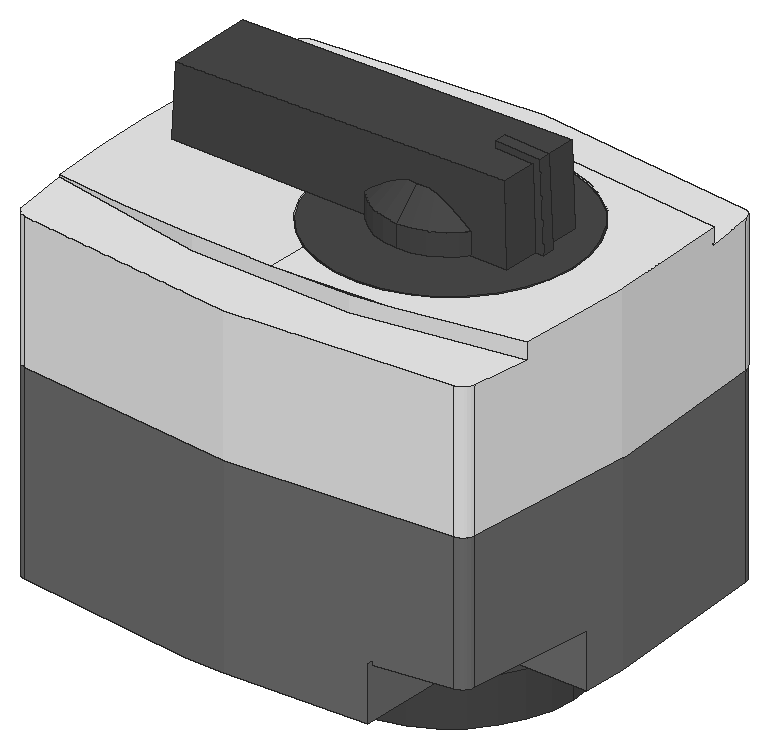
Revit family "AMB 162(182)_RFA_1", category Pipe Accessories, Revit 2019
Family settings
  Round Connector Dimension = Use Diameter
  Part Type = Normal
  OmniClass Number = 23.65.55.14.17
  OmniClass Title = Adjusting/Controlling Valves for Liquid Services
  Work Plane-Based = No
  Always vertical = Yes
  Cut with Voids When Loaded = No
  Shared = Yes
Parameters (values of type "AMB 182_Modulating_24V_60/90/120s/°_082H0241")
  With Auxiliary Switch = "NA"
  Weight = 0.80 kg
  W = 84 mm
  Voltage [instance] = 24 V
  URL = "https://store.danfoss.com/en/Climate-Solutions-for-heating/Motorised-Control-Valves/Actuators-without-safety-function-for-rotary-valves/c/4113?q=%3Arelevance&text="
  Type Comments = ""
  Speed = "60/90/120 s/°"
  Power [instance] = 3.5 VA
  Operating Torque = "15 Nm"
  Model Type = "AMB 182_Modulating_24V_60/90/120s/°"
  Model = "082H0241"
  Min Ambient Temperature = "0 °C"  # constant formula
  Max Medium Temperature = "110 °C"  # constant formula
  Max Ambient Temperature = "50 °C"  # constant formula
  Manufacturer = "Danfoss"  # constant formula
  LOD 350 [instance] = not(LOD 200)  # yes
  LOD 200 [instance] = no
  L = 101 mm
  IfcExportType = "AMB Actuator"  # constant formula
  IfcExportAs = "IfcActuatorType"  # constant formula
  H = 100.685 mm
  For Rotary Valve DN = "DN15-150"
  Description = "Gear Actuator"  # constant formula
  Control Input Signal = "Modulating"
  Body Material = Danfoss Plastic Dark Gray
Types (22, lengths in mm): name | With Auxiliary Switch | Weight | Voltage | Speed | Power | Operating Torque | Model Type | Model | For Rotary Valve DN | Control Input Signal
  AMB 162_2-point_24V_15s/°_082H0270_082H0272 | "082H0272" | 0.70 kg | 24 V | "15 s/°" | 2.5 VA | "5 Nm" | "AMB 162_2-point_24V_15s/°" | "082H0270, 082H0272" | "DN15-50" | "2-point"
  AMB 162_3-point_230V_15s/°_082H0220_082H0225 | "082H0225" | 0.70 kg | 230 V | "15 s/°" | 2.5 VA | "5 Nm" | "AMB 162_3-point_230V_15s/°" | "082H0220, 082H0225" | "DN15-50" | "3-point"
  AMB 162_2-point_230V_15s/°_082H0271_082H0273 | "082H0273" | 0.70 kg | 230 V | "15 s/°" | 2.5 VA | "5 Nm" | "AMB 162_2-point_230V_15s/°" | "082H0271, 082H0273" | "DN15-50" | "2-point"
  AMB 162_3-point_24V_15s/°_082H0210_082H0215 | "082H0215" | 0.70 kg | 24 V | "15 s/°" | 2.5 VA | "5 Nm" | "AMB 162_3-point_24V_15s/°_" | "082H0210, 082H0215" | "DN15-50" | "3-point"
  AMB 162_3-point_24V_30s/°_082H0211_082H0216 | "082H0216" | 0.70 kg | 24 V | "30 s/°" | 2.5 VA | "5 Nm" | "AMB 162_3-point_24V_30s/°" | "082H0211, 082H0216" | "DN15-50" | "3-point"
  AMB 162_3-point_24V_60s/°_082H0212_082H0217 | "082H0217" | 0.70 kg | 24 V | "60 s/°" | 2.5 VA | "5 Nm" | "AMB 162_3-point_24V_60s/°" | "082H0212, 082H0217" | "DN15-50" | "3-point"
  AMB 162_3-point_24V_120s/°_082H0213_082H0218 | "082H0218" | 0.70 kg | 24 V | "120 s/°" | 2.5 VA | "5 Nm" | "AMB 162_3-point_24V_120s/°" | "082H0213, 082H0218" | "DN15-50" | "3-point"
  AMB 162_3-point_24V_480s/°_082H0214_082H0219 | "082H0219" | 0.70 kg | 24 V | "120 s/°" | 2.5 VA | "5 Nm" | "AMB 162_3-point_24V_480s/°" | "082H0214, 082H0219" | "DN15-50" | "3-point"
  AMB 162_3-point_230V_30s/°_082H0221_082H0226 | "082H0226" | 0.70 kg | 230 V | "30 s/°" | 2.5 VA | "5 Nm" | "AMB 162_3-point_230V_30s/°" | "082H0221, 082H0226" | "DN15-50" | "3-point"
  AMB 162_3-point_230V_60s/°_082H0222_082H0227 | "082H0227" | 0.70 kg | 230 V | "60 s/°" | 2.5 VA | "5 Nm" | "AMB 162_3-point_230V_60s/°" | "082H0222, 082H0227" | "DN15-50" | "3-point"
  AMB 162_3-point_230V_120s/°_082H0223_082H0228 | "082H0228" | 0.70 kg | 230 V | "120 s/°" | 2.5 VA | "5 Nm" | "AMB 162_3-point_230V_120s/°" | "082H0223, 082H0228" | "DN15-50" | "3-point"
  AMB 162_3-point_230V_480s/°_082H0224_082H0229 | "082H0229" | 0.70 kg | 230 V | "480 s/°" | 2.5 VA | "5 Nm" | "AMB 162_3-point_230V_480s/°" | "082H0224, 082H0229" | "DN15-50" | "3-point"
  AMB 162_Modulating_24V_60/90/120s/°_082H0230 | "NA" | 0.70 kg | 24 V | "60/90/120 s/°" | 2.5 VA | "5 Nm" | "AMB 162_Modulating_24V_60/90/120s/°" | "082H0230" | "DN15-50" | "Modulating"
  AMB 182_2-point_230V_60s/°_082H0275_082H0277 | "082H0277" | 0.80 kg | 230 V | "60 s/°" | 3.5 VA | "15 Nm" | "AMB 182_2-point_230V_60s/°" | "082H0275, 082H0277" | "DN15-150" | "2-point"
  AMB 182_2-point_24V_60s/°_082H0274_082H0276 | "082H0276" | 0.80 kg | 24 V | "60 s/°" | 3.5 VA | "15 Nm" | "AMB 182_2-point_24V_60s/°" | "082H0274, 082H0276" | "DN15-150" | "2-point"
  AMB 182_3-point_230V_60s/°_082H0237_082H0239 | "082H0239" | 0.80 kg | 230 V | "60 s/°" | 3.5 VA | "15 Nm" | "AMB 182_3-point_230V_60s/°" | "082H0237, 082H0239" | "DN15-150" | "3-point"
  AMB 182_3-point_24V_60s/°_082H0233_082H0235 | "082H0235" | 0.80 kg | 24 V | "60 s/°" | 3.5 VA | "15 Nm" | "AMB 182_3-point_24V_60s/°" | "082H0233, 082H0235" | "DN15-150" | "3-point"
  AMB 182_3-point_24V_60s/°_10Nm_082H0231 | "NA" | 0.80 kg | 24 V | "60 s/°" | 3.5 VA | "10 Nm" | "AMB 182_3-point_24V_60s/°_10Nm" | "082H0231" | "DN15-100" | "3-point"
  AMB 182_3-point_230V_60s/°_10Nm_082H0232 | "NA" | 0.80 kg | 230 V | "60 s/°" | 3.5 VA | "10 Nm" | "AMB 182_3-point_230V_60s/°_10Nm" | "082H0232" | "DN15-100" | "3-point"
  AMB 182_3-point_24V_240s/°_082H0234_082H0236 | "082H0236" | 0.80 kg | 24 V | "240 s/°" | 3.5 VA | "15 Nm" | "AMB 182_3-point_24V_240s/°" | "082H0234, 082H0236" | "DN15-150" | "3-point"
  AMB 182_3-point_230V_240s/°_082H0238_082H0240 | "082H0240" | 0.80 kg | 230 V | "240 s/°" | 3.5 VA | "15 Nm" | "AMB 182_3-point_230V_240s/°" | "082H0238, 082H0240" | "DN15-150" | "3-point"
  AMB 182_Modulating_24V_60/90/120s/°_082H0241 | "NA" | 0.80 kg | 24 V | "60/90/120 s/°" | 3.5 VA | "15 Nm" | "AMB 182_Modulating_24V_60/90/120s/°" | "082H0241" | "DN15-150" | "Modulating"
Reference planes
  plane 1 "Center (Front/Back)": y = 0
  plane 2: z = 0
  plane 3 "Center (Left/Right)": x = 0
  plane 4: z = 9.5
  plane 5: y = -41.931
  plane 6: y = 42.069
  plane 7: x = 36.5
  plane 8: x = -64.5
  plane 9: y = 36.069
  plane 10: x = 30.5
  plane 11: x = -61.5
  plane 12: x = 33.5
  plane 13: y = 39.069
  plane 14: y = -38.931
  plane 15: x = -58.5
  plane 16: y = -35.931
  plane 17: x = -14
  plane 18: z = 49.5
  plane 19: y = 36.069
  plane 20: x = 160.5
  plane 21: x = 68.5
  plane 22: x = 163.5
  plane 23: y = 39.069
  plane 24: y = -38.931
  plane 25: x = 71.5
  plane 26: y = -35.931
  plane 27: x = 116
  plane 28: z = 81.472
  plane 29: y = -9.5
  plane 30: z = 100.685
Forms (mm)
  Revolve 1, solid, material "Danfoss Plastic Black", detail levels fine
    sketch origin (0, 0, 0) x (1, 0, 0) y (0, 0, 1)
      loop
        line (0, 9.5) -> (0, 0) -> (26, 0) -> (26, 9.5) -> (0, 9.5)
      axis (0, 9.5) -> (0, 0)
    angle from 0 to 360
  Extrusion 2, solid, material "Danfoss Plastic Black", visible <- "LOD 350", detail levels fine
    sketch origin (0, 0, 0) x (1, 0, 0) y (0, 0, 1)
      loop
        line (-51.913, 82.5) -> (18.847, 82.5) -> (18.304, 99.204)
        arc (18.304, 99.204) -> (-16.441, 99.254) -> (-51.134, 97.349) r 617.491
        line (-51.134, 97.349) -> (-51.913, 82.5)
    from -9.091 to 8.652
  Extrusion 3, solid, material "Danfoss Plastic Black", visible <- "LOD 350", detail levels fine
    sketch origin (0, 0, 0) x (1, 0, 0) y (0, 0, 1)
      loop
        line (18.847, 82.5) -> (20.557, 82.5) -> (19.789, 100.4) -> (10.425, 100.685) -> (10.425, 99.387)
        arc (10.425, 99.387) -> (14.365, 99.308) -> (18.304, 99.204) r 617.491
        line (18.304, 99.204) -> (18.847, 82.5)
    from -1.24 to 1.241
  Extrusion 4, solid, material "Danfoss Plastic Dark Gray" <- "Body Material", visible <- "LOD 350", detail levels fine
    sketch origin (0, 0, 0) x (1, 0, 0) y (0, 1, 0)
      loop
        arc (-59.389, 38.075) -> (-61.013, 37.216) -> (-61.831, 35.571) r 3
        arc (-61.831, 35.571) -> (-64.511, 0) -> (-61.831, -35.571) r 237.436
        arc (-61.831, -35.571) -> (-61.013, -37.216) -> (-59.389, -38.075) r 3
        arc (-59.389, -38.075) -> (-14.052, -42.151) -> (31.314, -38.419) r 265.38
        arc (31.314, -38.419) -> (32.951, -37.564) -> (33.778, -35.913) r 3
        arc (33.778, -35.913) -> (36.5, -0.174) -> (33.83, 35.57) r 238.281
        arc (33.83, 35.57) -> (33.012, 37.216) -> (31.388, 38.076) r 3
        arc (31.388, 38.076) -> (-14.001, 42.069) -> (-59.389, 38.075) r 259.947
    from 9.5 to 49.5
  Extrusion 5, solid, material "Danfoss Plastic White", visible <- "LOD 350", detail levels fine
    sketch origin (130, 0, 0) x (1, 0, 0) y (0, 1, 0)
      loop
        arc (-189.389, 38.075) -> (-191.013, 37.216) -> (-191.831, 35.571) r 3
        arc (-191.831, 35.571) -> (-194.511, 0) -> (-191.831, -35.571) r 237.436
        arc (-191.831, -35.571) -> (-191.013, -37.216) -> (-189.389, -38.075) r 3
        arc (-189.389, -38.075) -> (-144.052, -42.151) -> (-98.686, -38.419) r 265.38
        arc (-98.686, -38.419) -> (-97.049, -37.564) -> (-96.222, -35.913) r 3
        arc (-96.222, -35.913) -> (-93.5, -0.174) -> (-96.17, 35.57) r 238.281
        arc (-96.17, 35.57) -> (-96.988, 37.216) -> (-98.612, 38.076) r 3
        arc (-98.612, 38.076) -> (-144.001, 42.069) -> (-189.389, 38.075) r 259.947
    from 49.5 to 81.472
  Extrusion 6, void
    sketch origin (0, 0, 0) x (1, 0, 0) y (0, 1, 0)
      loop
        arc (-61.831, 35.571) -> (-62.54, 30.529) -> (-63.14, 25.473) r 237.436
        arc (-63.14, 25.473) -> (-14.003, 29.568) -> (35.135, 25.473) r 296.829
        arc (35.135, 25.473) -> (34.536, 30.528) -> (33.83, 35.57) r 238.281
        arc (33.83, 35.57) -> (33.012, 37.216) -> (31.388, 38.076) r 3
        arc (31.388, 38.076) -> (-14.001, 42.069) -> (-59.389, 38.075) r 259.947
        arc (-59.389, 38.075) -> (-61.013, 37.216) -> (-61.831, 35.571) r 3
    from 78 to 100.685
  Extrusion 7, void
    sketch origin (0, 0, 0) x (1, 0, 0) y (0, 0, 1)
      loop
        line (-64.511, 49.5) -> (-64.511, 78.145)
        arc (-64.511, 78.145) -> (-39.06, 80.639) -> (-13.5, 81.472) r 392.786
        line (-13.5, 81.472) -> (36.5, 81.472) -> (36.5, 49.5) -> (41.5, 49.5) -> (41.5, 107.508) -> (-69.523, 107.508) -> (-69.523, 49.5) -> (-64.511, 49.5)
    from -62.358 to 46.308
  Extrusion 8, void
    sketch origin (0, 0, 0) x (1, 0, 0) y (0, 1, 0)
      loop
        line (-64.592, -23.625) -> (-62.779, -37.97)
        arc (-62.779, -37.97) -> (-14.187, -43.401) -> (34.407, -37.976) r 220.211
        line (34.407, -37.976) -> (36.595, -23.622)
        arc (36.595, -23.622) -> (-13.998, -30.547) -> (-64.592, -23.625) r 188.309
    from 78 to 100.685
  Revolve 9, solid, material "Danfoss Plastic Black", visible <- "LOD 350", detail levels fine
    sketch origin (0, 0, 0) x (0, 1, 0) y (0, 0, 1)
      loop
        line (0, 92.255) -> (0, 81.472) -> (10.185, 81.472) -> (10.185, 82.472) -> (14.169, 82.472) -> (14.169, 87.094) -> (9.007, 92.255) -> (0, 92.255)
      axis (0, 92.255) -> (0, 81.472)
    angle from 0 to 360
  Extrusion 10, solid, material "Danfoss Plastic Black", visible <- "LOD 350", detail levels fine
    sketch origin (0, 0, 0) x (1, 0, 0) y (0, 1, 0)
      loop
        circle (0, 0) r 25.661
    from 49.5 to 81.472
  Extrusion 11, void
    sketch origin (0, 0, 0) x (1, 0, 0) y (0, 0, 1)
      loop
        line (15.14, 9.5) -> (36.5, 9.5) -> (36.5, 20.859) -> (15.14, 20.859) -> (15.14, 9.5)
    from 9.5 to 49.81
  Extrusion 12, void
    sketch origin (0, 0, 0) x (1, 0, 0) y (0, 1, 0)
      loop
        circle (0, 0) r 26
    from 78 to 82.5
  Extrusion 13, solid, material "Danfoss Plastic Dark Gray" <- "Body Material", visible <- "LOD 200", detail levels fine
    sketch origin (0, 0, 0) x (1, 0, 0) y (0, 1, 0)
      loop
        line (-64.5, 42.069) -> (-64.5, -41.931) -> (36.5, -41.931) -> (36.5, 42.069) -> (-64.5, 42.069)
    from 9.5 to 49.5
  Extrusion 14, solid, material "Danfoss Plastic White", visible <- "LOD 200", detail levels fine
    sketch origin (0, 0, 0) x (1, 0, 0) y (0, 1, 0)
      loop
        line (-64.5, 42.069) -> (-64.5, -41.931) -> (36.5, -41.931) -> (36.5, 42.069) -> (-64.5, 42.069)
    from 49.5 to 81.472
  Extrusion 15, solid, material "Danfoss Plastic Black", visible <- "LOD 200", detail levels fine
    sketch origin (0, 0, 0) x (1, 0, 0) y (0, 1, 0)
      loop
        circle (0, 0) r 25.661
    from 81.472 to 82.5
  Extrusion 16, solid, material "Danfoss Plastic Black", visible <- "LOD 200", detail levels fine
    sketch origin (0, 0, 0) x (1, 0, 0) y (0, 0, 1)
      loop
        line (-51.913, 82.5) -> (20.557, 82.5) -> (20.557, 100.685) -> (-51.913, 100.685) -> (-51.913, 82.5)
    from -9.09 to 8.65
  Extrusion 17, solid, material "Danfoss Plastic Black", detail levels fine
    sketch origin (0, 0, 0) x (1, 0, 0) y (0, 1, 0)
      loop
        line (-2.5, 13.5) -> (-2.5, 2.5) -> (-13.5, 2.5) -> (-13.5, -2.5) -> (-2.5, -2.5) -> (-2.5, -13.5) -> (2.5, -13.5) -> (2.5, -2.5) -> (13.5, -2.5) -> (13.5, 2.5) -> (2.5, 2.5) -> (2.5, 13.5) -> (-2.5, 13.5)
    from 0 to -2.5
Cuts and joins
  Extrusion 6, Extrusion 7, Extrusion 8, Extrusion 12 cuts Extrusion 5
  Extrusion 11, Extrusion 12 cuts Extrusion 4
  Extrusion 12 cuts Revolve 1
Dimensions and locks
  Revolve 1 sketch curve to plane 3 "Center (Left/Right)" = 26 mm
  "W": plane 6 to plane 5
  "L": plane 7 to plane 8
  locked: plane 29 to plane 1 "Center (Front/Back)" at 9.5
  "H": plane 30 to level
  plane 6 to plane 5 = 84 mm
  plane 4 to plane 2 = 9.5 mm
  locked: plane 18 to plane 4 at 40
  locked: plane 28 to plane 18 at 31.972
  locked: plane 30 to plane 28 at 19.213
  locked: Extrusion 15 to plane 28 at 1.028
  locked: cut or joined group of Extrusion 4, Extrusion 11, Extrusion 12 to plane 4 at 11.359
  plane 28 to cut or joined group of Extrusion 5, Extrusion 6, Extrusion 7, Extrusion 8, Extrusion 12 = 3.472 mm
  equal spacing: Extrusion 17 sketch curve, plane 3 "Center (Left/Right)", Extrusion 17 sketch curve  (x2)
  Extrusion 17 sketch curve to Extrusion 17 sketch curve = 5 mm  (x2)
  equal spacing: Extrusion 17 sketch curve, plane 1 "Center (Front/Back)", Extrusion 17 sketch curve  (x2)
  Extrusion 17 sketch curve to Extrusion 17 sketch curve = 27 mm  (x2)
  radius of Extrusion 5 sketch curve = 238.281 mm
  radius of Extrusion 5 sketch curve = 237.436 mm
  radius of Extrusion 5 sketch curve = 265.38 mm
  radius of Extrusion 5 sketch curve = 259.947 mm
  radius of Extrusion 4 sketch curve = 265.38 mm
  radius of Extrusion 4 sketch curve = 259.947 mm
  radius of Extrusion 4 sketch curve = 237.436 mm
  radius of Extrusion 4 sketch curve = 238.281 mm
  radius of Extrusion 10 sketch curve = 25.661 mm
  radius of Extrusion 12 sketch curve = 26 mm
  radius of Extrusion 15 sketch curve = 25.661 mm
  aligned and locked: level to plane 2
  aligned and locked: Revolve 1 sketch curve to plane 3 "Center (Left/Right)"  (x2)
  aligned and locked: Revolve 1 sketch curve to level
  aligned and locked: Revolve 1 sketch curve to plane 4
  aligned and locked: Extrusion 3 sketch curve to Extrusion 2  (x2)
  aligned and locked: Extrusion 4 to plane 4
  aligned and locked: plane 18 to Extrusion 4
  aligned and locked: Extrusion 5 to plane 18
  aligned and locked: Extrusion 6 sketch curve to Extrusion 4  (x5)
  aligned and locked: plane 1 "Center (Front/Back)" to Revolve 9 sketch curve
  aligned and locked: plane 28 to Revolve 9 sketch curve
  aligned and locked: plane 28 to Extrusion 10
  aligned and locked: Extrusion 10 to Extrusion 4
  aligned and locked: plane 7 to Extrusion 11 sketch curve
  aligned and locked: plane 29 to cut or joined group of Extrusion 4, Extrusion 11, Extrusion 12
  aligned and locked: Extrusion 13 sketch curve to plane 6
  aligned and locked: plane 8 to Extrusion 13 sketch curve
  aligned and locked: plane 5 to Extrusion 13 sketch curve
  aligned and locked: Extrusion 13 sketch curve to plane 7
  aligned and locked: plane 18 to Extrusion 13
  aligned and locked: Extrusion 14 sketch curve to Extrusion 13  (x4)
  aligned and locked: Extrusion 14 to plane 18
  aligned and locked: plane 28 to Extrusion 14
  aligned and locked: Extrusion 15 to plane 28
  aligned and locked: Extrusion 13 to plane 4
  aligned and locked: Extrusion 15 to Extrusion 2
  aligned and locked: plane 30 to Extrusion 8
  aligned and locked: Extrusion 11 to plane 4
  aligned and locked: Extrusion 8 to Extrusion 6  (x2)
  aligned and locked: Extrusion 12 to Extrusion 2
  aligned and locked: Extrusion 6 to Extrusion 12
  aligned and locked: plane 28 to Extrusion 5
  aligned and locked: plane 30 to Extrusion 16
  aligned and locked: Extrusion 17 sketch curve to Extrusion 17 sketch curve  (x4)
Automatic sketch dimensions
  Revolve 1 sketch curve to level = 366.045 mm
  plane 28 to Extrusion 3 sketch curve = 1.028 mm
  Extrusion 3 sketch curve to Extrusion 3 sketch curve = 1.485 mm
  Extrusion 3 sketch curve to Extrusion 3 sketch curve = 1.711 mm
  plane 1 "Center (Front/Back)" to Extrusion 5 sketch curve = 0 mm  (x2)
  Extrusion 5 sketch curve to plane 8 = 137.281 mm
  Extrusion 5 sketch curve to plane 19 = 0.947 mm  (x2)
  plane 8 to Extrusion 5 sketch curve = 5.635 mm  (x2)
  plane 26 to Extrusion 5 sketch curve = 0.81 mm
  Extrusion 5 sketch curve to plane 3 "Center (Left/Right)" = 14 mm
  Extrusion 5 sketch curve to plane 3 "Center (Left/Right)" = 13.048 mm
  plane 26 to Extrusion 5 sketch curve = 0.471 mm
  Extrusion 5 sketch curve to plane 7 = 5.688 mm
  Extrusion 5 sketch curve to plane 7 = 5.636 mm
  plane 22 to Extrusion 5 sketch curve = 9.425 mm
  Extrusion 5 sketch curve to plane 5 = 175.947 mm
  plane 6 to Extrusion 5 sketch curve = 181.159 mm
  Extrusion 5 sketch curve to Extrusion 5 sketch curve = 0 mm  (x4)
  Extrusion 6 sketch curve to plane 3 "Center (Left/Right)" = 14.003 mm
  Extrusion 6 sketch curve to Extrusion 6 sketch curve = 49.382 mm
  plane 8 to Extrusion 6 sketch curve = 1.36 mm
  plane 5 to Extrusion 8 sketch curve = 3.962 mm
  plane 5 to Extrusion 8 sketch curve = 3.956 mm
  Extrusion 8 sketch curve to plane 8 = 0.092 mm
  Extrusion 8 sketch curve to plane 3 "Center (Left/Right)" = 14.003 mm
  plane 7 to Extrusion 8 sketch curve = 0.095 mm
  plane 6 to Extrusion 8 sketch curve = 115.693 mm
  Extrusion 8 sketch curve to Extrusion 8 sketch curve = 19.048 mm
  plane 8 to Extrusion 8 sketch curve = 1.721 mm
  Extrusion 8 sketch curve to plane 7 = 2.093 mm
  Extrusion 8 sketch curve to Extrusion 8 sketch curve = 14.354 mm
  Extrusion 7 sketch curve to plane 18 = 0 mm  (x2)
  Extrusion 7 sketch curve to plane 28 = 0 mm
  Extrusion 7 sketch curve to plane 7 = 0 mm
  Extrusion 7 sketch curve to plane 3 "Center (Left/Right)" = 13.5 mm
  Extrusion 7 sketch curve to plane 8 = 5.023 mm
  plane 7 to Extrusion 7 sketch curve = 5 mm
  Extrusion 7 sketch curve to level = 311.315 mm
  plane 28 to Extrusion 7 sketch curve = 26.036 mm
  Extrusion 7 sketch curve to plane 8 = 0.011 mm
  plane 3 "Center (Left/Right)" to Extrusion 2 sketch curve = 0.049 mm
  Extrusion 2 sketch curve to plane 7 = 18.196 mm
  plane 28 to Extrusion 2 sketch curve = 1.028 mm
  Extrusion 2 sketch curve to Extrusion 2 sketch curve = 0.543 mm
  Extrusion 2 sketch curve to level = 518.017 mm
  plane 8 to Extrusion 2 sketch curve = 12.587 mm
  Revolve 9 sketch curve to plane 1 "Center (Front/Back)" = 9.007 mm
  Revolve 9 sketch curve to Revolve 9 sketch curve = 5.161 mm  (x2)
  Revolve 9 sketch curve to Revolve 9 sketch curve = 4.622 mm
  Revolve 9 sketch curve to Revolve 9 sketch curve = 3.984 mm
  plane 28 to Revolve 9 sketch curve = 1 mm
  plane 1 "Center (Front/Back)" to Extrusion 10 sketch curve = 0 mm
  Extrusion 10 sketch curve to plane 3 "Center (Left/Right)" = 0 mm
  plane 4 to Extrusion 11 sketch curve = 11.359 mm
  Extrusion 11 sketch curve to plane 4 = 0 mm
  plane 1 "Center (Front/Back)" to Extrusion 4 sketch curve = 0 mm  (x2)
  Extrusion 4 sketch curve to plane 17 = 0 mm
  Extrusion 4 sketch curve to plane 15 = 0.365 mm  (x2)
  Extrusion 4 sketch curve to plane 8 = 137.281 mm
  plane 17 to Extrusion 4 sketch curve = 0.952 mm
  plane 10 to Extrusion 4 sketch curve = 0.312 mm
  plane 10 to Extrusion 4 sketch curve = 0.364 mm
  plane 7 to Extrusion 4 sketch curve = 136.425 mm
  plane 16 to Extrusion 4 sketch curve = 0.81 mm
  plane 16 to Extrusion 4 sketch curve = 0.471 mm
  Extrusion 4 sketch curve to plane 5 = 175.947 mm
  Extrusion 4 sketch curve to plane 9 = 0.947 mm  (x2)
  plane 6 to Extrusion 4 sketch curve = 181.159 mm
  Extrusion 4 sketch curve to Extrusion 4 sketch curve = 0 mm  (x4)
  plane 1 "Center (Front/Back)" to Extrusion 12 sketch curve = 0 mm
  Extrusion 12 sketch curve to plane 3 "Center (Left/Right)" = 0 mm
  plane 3 "Center (Left/Right)" to Extrusion 11 sketch curve = 15.14 mm
  plane 1 "Center (Front/Back)" to Extrusion 15 sketch curve = 0 mm
  Extrusion 15 sketch curve to plane 3 "Center (Left/Right)" = 0 mm
  plane 8 to Extrusion 16 sketch curve = 12.587 mm
  plane 28 to Extrusion 16 sketch curve = 1.028 mm
  Extrusion 16 sketch curve to plane 7 = 15.943 mm
  plane 28 to Revolve 1 sketch curve = 2139.343 mm
  plane 8 to Extrusion 2 sketch curve = 13.366 mm
  Extrusion 2 sketch curve to Extrusion 2 sketch curve = 14.849 mm
  Extrusion 16 sketch curve to Extrusion 16 sketch curve = 18.185 mm
  Extrusion 3 sketch curve to plane 30 = 0 mm
  Extrusion 3 sketch curve to plane 30 = 0.285 mm
  Extrusion 3 sketch curve to plane 30 = 1.298 mm
  Extrusion 17 sketch curve to plane 3 "Center (Left/Right)" = 13.5 mm
